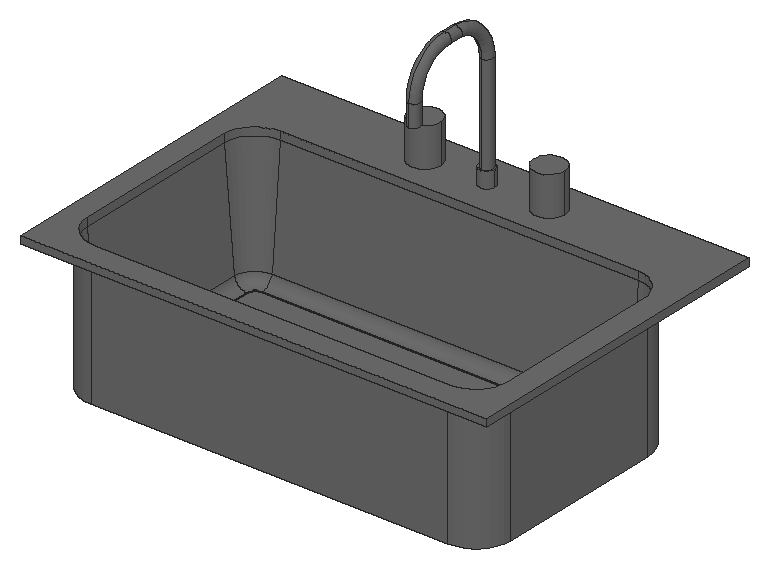
Revit family
Parameters (values of type "30" x 21"")
  Assembly Code = "D2010410"
  Counter Height = 3' - 0"
  Depth = 1' - 9"
  Faucet Material = Metal - Steel, Polished
  Sink Material = Metal - Steel, Polished
  Width = 2' - 6"
Reference planes (in)
  plane 1 "Center (Front/Back)": y = 0.09234
  plane 2: z = 0
  plane 3 "Center (Left/Right)": x = 0.61769
  plane 4: y = 10.59234
  plane 5: y = -10.40766
  plane 6: x = -14.38231
  plane 7: x = 15.61769
  plane 8 "Top Of Counter": z = 36
  plane 9: z = 36.5
  plane 10: z = 27.5
  plane 11: y = 6.09234
  plane 12: x = -12.88231
  plane 13: y = -8.90766
  plane 14: x = 14.11769
  plane 15: x = -3.38231
  plane 16: x = 4.61769
  plane 17: y = 8.34234
  plane 18: y = 8.34234
  plane 19: y = 8.34234
  plane 20: z = 46.375
  plane 21: y = 2.46734
  plane 22: z = 39
  plane 23: z = 37.5
Forms (in)
  Extrusion 1, solid, material "Metal - Steel, Polished" <- "Sink Material"
    sketch origin (0, 0, 0) x (1, 0, 0) y (0, 1, 0)
      loop
        line (-14.38231, 10.59234) -> (-14.38231, -10.40766) -> (15.61769, -10.40766) -> (15.61769, 10.59234) -> (-14.38231, 10.59234)
      loop
        arc (-10.88231, 6.09234) -> (-12.29653, 5.50655) -> (-12.88231, 4.09234) r 2
        line (-12.88231, 4.09234) -> (-12.88231, -6.90766)
        arc (-12.88231, -6.90766) -> (-12.29653, -8.32187) -> (-10.88231, -8.90766) r 2
        line (-10.88231, -8.90766) -> (12.11769, -8.90766)
        arc (12.11769, -8.90766) -> (13.5319, -8.32187) -> (14.11769, -6.90766) r 2
        line (14.11769, -6.90766) -> (14.11769, 4.09234)
        arc (14.11769, 4.09234) -> (13.5319, 5.50655) -> (12.11769, 6.09234) r 2
        line (12.11769, 6.09234) -> (-10.88231, 6.09234)
    from 36 to 36.5
  Sweep 2, solid, material "Metal - Steel, Polished" <- "Sink Material"
    path origin (0, 0, 0) x (1, 0, 0) y (0, 1, 0)
      loop
        arc (-10.88231, 6.09234) -> (-12.29653, 5.50655) -> (-12.88231, 4.09234) r 2
        line (-12.88231, 4.09234) -> (-12.88231, -6.90766)
        arc (-12.88231, -6.90766) -> (-12.29653, -8.32187) -> (-10.88231, -8.90766) r 2
        line (-10.88231, -8.90766) -> (12.11769, -8.90766)
        arc (12.11769, -8.90766) -> (13.5319, -8.32187) -> (14.11769, -6.90766) r 2
        line (14.11769, -6.90766) -> (14.11769, 4.09234)
        arc (14.11769, 4.09234) -> (13.5319, 5.50655) -> (12.11769, 6.09234) r 2
        line (12.11769, 6.09234) -> (-10.88231, 6.09234)
    profile origin (0.61769, 0, 0) x (0, 1, 0) y (0, 0, 1)
      loop
        line (6.09234, 36) -> (5.44139, 28.55963)
        arc (5.44139, 28.55963) -> (5.20094, 28.07204) -> (4.69424, 27.875) r 0.75
        line (4.69424, 27.875) -> (4.59234, 27.875) -> (4.59234, 27.5) -> (6.34234, 27.5) -> (6.34234, 36) -> (6.09234, 36)
  Extrusion 3, solid, material "Metal - Steel, Polished" <- "Sink Material"
    sketch origin (0, 0, 0) x (1, 0, 0) y (0, 1, 0)
      loop
        arc (-10.88231, 4.59234) -> (-11.23587, 4.44589) -> (-11.38231, 4.09234) r 0.5
        line (-11.38231, 4.09234) -> (-11.38231, -6.90766)
        arc (-11.38231, -6.90766) -> (-11.23587, -7.26121) -> (-10.88231, -7.40766) r 0.5
        line (-10.88231, -7.40766) -> (12.11769, -7.40766)
        arc (12.11769, -7.40766) -> (12.47124, -7.26121) -> (12.61769, -6.90766) r 0.5
        line (12.61769, -6.90766) -> (12.61769, 4.09234)
        arc (12.61769, 4.09234) -> (12.47124, 4.44589) -> (12.11769, 4.59234) r 0.5
        line (12.11769, 4.59234) -> (-10.88231, 4.59234)
      loop
        circle (0.61769, 0) r 1
    from 27.5 to 27.875
  Extrusion 4, solid, material "Metal - Steel, Polished" <- "Faucet Material"
    sketch origin (0, 0, 0) x (1, 0, 0) y (0, 1, 0)
      loop
        circle (-3.38231, 8.34234) r 1
      loop
        circle (4.61769, 8.34234) r 1
    from 36.5 to 39
  Sweep 5, solid, material "Metal - Steel, Polished" <- "Faucet Material"
    path origin (0.61769, 0, 0) x (0, 1, 0) y (0, 0, 1)
      loop
        line (8.34234, 36.5) -> (8.34234, 43.875)
        arc (8.34234, 43.875) -> (7.61011, 45.64277) -> (5.84234, 46.375) r 2.5
        line (5.84234, 46.375) -> (4.96734, 46.375)
        arc (4.96734, 46.375) -> (3.19957, 45.64277) -> (2.46734, 43.875) r 2.5
        line (2.46734, 43.875) -> (2.46734, 42.5)
    profile origin (0.61769, 0, 40.1875) x (0, -1, 0) y (1, 0, 0)
      loop
        circle (-8.34234, 0) r 0.375
  Extrusion 6, solid, material "Metal - Steel, Polished" <- "Faucet Material"
    sketch origin (0, 0, 0) x (1, 0, 0) y (0, 1, 0)
      loop
        circle (0.61769, 8.34234) r 0.5
    from 36.5 to 37.5
Cuts and joins
  joined: Sweep 5, Extrusion 6
  joined: Extrusion 1, Sweep 2
Lines and regions (in)
  Masking region 1
    outline origin (0, 0, 36) x (0, -1, 0) y (1, 0, 0)
      loop
        line (-10.59234, -14.38231) -> (10.40766, -14.38231) -> (10.40766, 15.61769) -> (-10.59234, 15.61769) -> (-10.59234, -14.38231)
  symbolic lines
    curve 1: arc (1.61769, 0, 36) -> (0.61769, 1, 36) -> (-0.38231, 0, 36) r 1
    curve 2: arc (-0.38231, 0, 36) -> (0.61769, -1, 36) -> (1.61769, 0, 36) r 1
    curve 3: line (-12.88231, 4.09234, 36) -> (-12.88231, -6.90766, 36)
    curve 4: line (-10.88231, -8.90766, 36) -> (12.11769, -8.90766, 36)
    curve 5: line (14.11769, -6.90766, 36) -> (14.11769, 4.09234, 36)
    curve 6: line (12.11769, 6.09234, 36) -> (1.11769, 6.09234, 36)
    curve 7: arc (14.11769, 4.09234, 36) -> (13.5319, 5.50655, 36) -> (12.11769, 6.09234, 36) r 2
    curve 8: arc (12.11769, -8.90766, 36) -> (13.5319, -8.32187, 36) -> (14.11769, -6.90766, 36) r 2
    curve 9: arc (-12.88231, -6.90766, 36) -> (-12.29653, -8.32187, 36) -> (-10.88231, -8.90766, 36) r 2
    curve 10: arc (-10.88231, 6.09234, 36) -> (-12.29653, 5.50655, 36) -> (-12.88231, 4.09234, 36) r 2
    curve 11: arc (1.11769, 8.34234, 36) -> (0.61769, 8.84234, 36) -> (0.11769, 8.34234, 36) r 0.5
    curve 12: line (0.11769, 8.34234, 36) -> (0.11769, 2.09234, 36)
    curve 13: line (1.11769, 8.34234, 36) -> (1.11769, 2.09234, 36)
    curve 14: arc (1.11769, 2.09234, 36) -> (0.61769, 1.59234, 36) -> (0.11769, 2.09234, 36) r 0.5
    curve 15: line (0.11769, 6.09234, 36) -> (-10.88231, 6.09234, 36)
    curve 16: arc (-2.38231, 8.34234, 36) -> (-3.38231, 9.34234, 36) -> (-4.38231, 8.34234, 36) r 1
    curve 17: arc (-4.38231, 8.34234, 36) -> (-3.38231, 7.34234, 36) -> (-2.38231, 8.34234, 36) r 1
    curve 18: arc (5.61769, 8.34234, 36) -> (4.61769, 9.34234, 36) -> (3.61769, 8.34234, 36) r 1
    curve 19: arc (3.61769, 8.34234, 36) -> (4.61769, 7.34234, 36) -> (5.61769, 8.34234, 36) r 1
Dimensions and locks (in)
  equal spacing: plane 6, plane 3 "Center (Left/Right)", plane 7
  "Width": plane 6 to plane 7
  equal spacing: plane 5, plane 1 "Center (Front/Back)", plane 4
  "Depth": plane 5 to plane 4
  "Counter Height": plane 8 "Top Of Counter" to plane 2
  locked: plane 9 to plane 8 "Top Of Counter" at 0.5
  locked: plane 8 "Top Of Counter" to plane 10 at 8.5
  locked: plane 6 to plane 12 at 1.5
  locked: plane 14 to plane 7 at 1.5
  locked: plane 11 to plane 4 at 4.5
  locked: plane 5 to plane 13 at 1.5
  equal spacing: plane 11, plane 17, plane 4
  equal spacing: plane 11, plane 18, plane 4
  equal spacing: plane 4, plane 19, plane 11
  locked: plane 19 to plane 21 at 5.875
  locked: plane 20 to plane 9 at 9.875
  locked: plane 22 to plane 9 at 2.5
  locked: plane 23 to plane 9 at 1
  locked: plane 15 to plane 3 "Center (Left/Right)" at 4
  locked: plane 3 "Center (Left/Right)" to plane 16 at 4
  aligned and locked: Extrusion 1 sketch curve to plane 5
  aligned and locked: plane 7 to Extrusion 1 sketch curve
  aligned and locked: plane 4 to Extrusion 1 sketch curve
  aligned and locked: Extrusion 1 sketch curve to plane 6
  aligned and locked: plane 8 "Top Of Counter" to Extrusion 1
  aligned and locked: Extrusion 1 to plane 9
  aligned and locked: plane 11 to Extrusion 1 sketch curve
  aligned and locked: plane 14 to Extrusion 1 sketch curve
  aligned and locked: Extrusion 1 sketch curve to plane 12
  aligned and locked: Extrusion 1 sketch curve to plane 13
  aligned and locked: plane 11 to Sweep 2 sketch curve
  aligned and locked: plane 14 to Sweep 2 sketch curve
  aligned and locked: Sweep 2 sketch curve to plane 12
  aligned and locked: Sweep 2 sketch curve to plane 13
  aligned and locked: Sweep 2 to Extrusion 3 sketch curve  (x4)
  aligned and locked: Sweep 2 to Extrusion 3
  aligned and locked: plane 10 to Extrusion 3
  aligned and locked: Sweep 2 sketch curve to plane 10
  aligned and locked: plane 8 "Top Of Counter" to Sweep 2 sketch curve
  aligned and locked: Extrusion 4 to Extrusion 1
  aligned and locked: Extrusion 6 to Extrusion 1
  aligned and locked: Sweep 5 sketch curve to plane 19
  aligned and locked: plane 20 to Sweep 5 sketch curve
  aligned and locked: plane 21 to Sweep 5 sketch curve
  aligned and locked: Extrusion 4 to plane 22
  aligned and locked: Extrusion 6 to plane 23
  aligned and locked: plane 4 to Masking region 1 sketch curve
  aligned and locked: Masking region 1 sketch curve to plane 6
  aligned and locked: Masking region 1 sketch curve to plane 5
  aligned and locked: plane 7 to Masking region 1 sketch curve
  aligned and locked: plane 15 to Extrusion 4 sketch curve
  aligned and locked: plane 17 to Extrusion 4 sketch curve  (x2)
  aligned and locked: plane 16 to Extrusion 4 sketch curve
  aligned and locked: curve 16 to Extrusion 4
  aligned and locked: curve 18 to Extrusion 4
Automatic sketch dimensions
  Sweep 2 sketch curve to plane 12 = 0' - 2"
  Sweep 2 sketch curve to Sweep 2 sketch curve = 0' - 2"
  plane 11 to Sweep 2 sketch curve = 0' - 2"
  plane 14 to Sweep 2 sketch curve = 0' - 2"
  Extrusion 1 sketch curve to plane 12 = 0' - 2"  (x2)
  plane 14 to Extrusion 1 sketch curve = 0' - 2"  (x2)
  Extrusion 3 sketch curve to plane 3 "Center (Left/Right)" = 0' - 0"
  Extrusion 3 sketch curve to Extrusion 3 sketch curve = 0' - 0 1/2"  (x4)
  plane 1 "Center (Front/Back)" to Extrusion 3 sketch curve = 0' - 0.09234"
  Extrusion 3 sketch curve to plane 3 "Center (Left/Right)" = 0' - 1"
  Sweep 2 sketch curve to profile plane = 0' - 0"
  profile plane to Sweep 2 sketch curve = 0' - 0.65095"
  Sweep 2 sketch curve to Sweep 2 sketch curve = 0' - 0.74715"
  Sweep 2 sketch curve to Sweep 2 sketch curve = 0' - 0.10191"
  Sweep 2 sketch curve to profile plane = 0' - 0 1/4"
  Sweep 2 sketch curve to Sweep 2 sketch curve = 0' - 0 3/8"
  Sweep 2 sketch curve to Sweep 2 sketch curve = 0' - 0.68463"
  plane 15 to Extrusion 4 sketch curve = 0' - 1"
  plane 16 to Extrusion 4 sketch curve = 0' - 1"
  Sweep 5 sketch curve to plane 3 "Center (Left/Right)" = 0' - 0"
  Sweep 5 sketch curve to profile plane = 0' - 0"
  profile plane to Sweep 5 sketch curve = 0' - 0 3/8"
  Extrusion 6 sketch curve to plane 18 = 0' - 0"
  Extrusion 6 sketch curve to plane 3 "Center (Left/Right)" = 0' - 0"
  Extrusion 6 sketch curve to plane 3 "Center (Left/Right)" = 0' - 0 1/2"
  Sweep 5 sketch curve to plane 9 = 0' - 0"
  Sweep 5 sketch curve to Sweep 5 sketch curve = 0' - 2 1/2"
  plane 11 to Sweep 5 sketch curve = 0' - 0 1/4"
  Sweep 5 sketch curve to Sweep 5 sketch curve = 0' - 1 3/8"
  curve 10 to plane 11 = 0' - 0"
  curve 6 to plane 11 = 0' - 0"
  curve 5 to plane 14 = 0' - 0"
  curve 3 to plane 12 = 0' - 0"
  curve 14 to plane 3 "Center (Left/Right)" = 0' - 0"
  curve 2 to plane 3 "Center (Left/Right)" = 0' - 0"
  curve 4 to plane 13 = 0' - 0"
  plane 4 to curve 11 = 0' - 2 1/4"
  plane 11 to curve 5 = 0' - 2"
  plane 11 to curve 10 = 0' - 2"
  curve 13 to plane 1 "Center (Front/Back)" = 0' - 2"
  plane 1 "Center (Front/Back)" to curve 2 = 0' - 0.09234"
  curve 9 to plane 13 = 0' - 2"
  curve 8 to curve 8 = 0' - 2"
  curve 1 to plane 3 "Center (Left/Right)" = 0' - 1"
  curve 15 to plane 3 "Center (Left/Right)" = 0' - 0 1/2"
